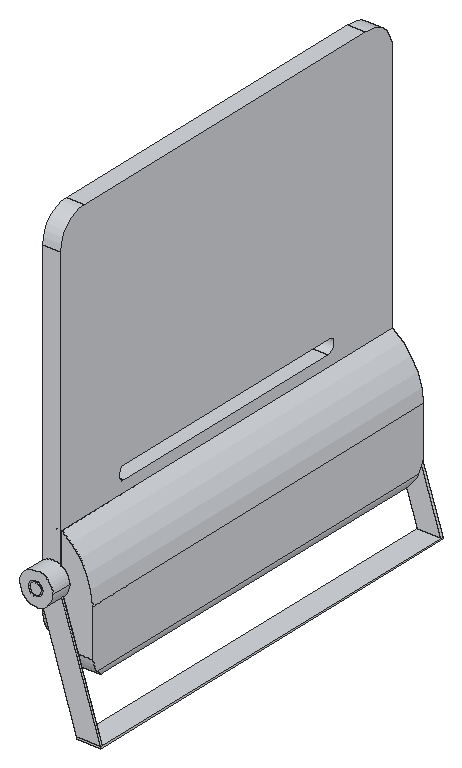
Revit family "2824080", category Generic Models, host Face, Revit 2018
Family settings
  Host = Face
  Can host rebar = No
  Round Connector Dimension = Use Diameter
  Part Type = Normal
  OmniClass Number = 23.80.70.00
  OmniClass Title = Lighting
  Cut with Voids When Loaded = No
  Shared = No
  Room Calculation Point = No
Parameters (values of type "Type Name")
  rotation axis = 142.4 mm
  bracket width = 588 mm
  URL = "http://www.sylvania-lighting.com"
  Type Image = <None>
  Type Comments = "n/a"
  Material_3_SYL = none
  Model = ""
  Manufacturer = "Feilo Sylvania"
  Keynote = ""
  Material_2_SYL = none
  Height = 157.859 mm
  Description = ""
  Default Elevation = 1219.2 mm
  Cost = 0
  Material_1_SYL = none
  Bracket Height = 195 mm
  Assembly Code = ""
  Material_4_SYL = none
Reference planes
  plane 1 "Center (Front/Back)": y = 0
  plane 2: z = 0
  plane 3 "Center (Left/Right)": x = 0
  plane 4: x = -16.5
  plane 5: x = 16.5
  plane 6: z = 155
  plane 7: x = -51.5
  plane 8: z = 137
  plane 9 "Rotation Axis": z = 142.4
  plane 10: z = 152.35
  plane 11: z = 195
  plane 12: x = -73.847
  plane 13: y = 294
  plane 14: y = -294
  plane 15: through (-72.693, -4572, 174.07) normal (-0.3105, 0, 0.9506)
  plane 16: through (-63.557, -4572, 193.954) normal (0.9506, 0, 0.3105)
  plane 17: y = 312
  plane 18: y = 288
  plane 19: y = -312
  plane 20: y = -286
  plane 21: z = 65
Forms (mm)
  Extrusion 1, solid, detail levels medium+fine
    sketch origin (0, 0, 0) x (1, 0, 0) y (0, 1, 0)
      loop
        line (-16.5, 294) -> (-16.5, -294) -> (16.5, -294) -> (16.5, 294) -> (-16.5, 294)
    from 0 to 2
  Extrusion 2, solid, detail levels medium+fine
    sketch origin (1524, -474.9, 1220.035) x (1, 0, 0) y (0, 0, 1)
      loop
        line (-1540.496, -1218.035) -> (-1507.966, -1218.035) -> (-1567.674, -1035.217)
        arc (-1567.674, -1035.217) -> (-1587.557, -1026.081) -> (-1596.693, -1045.965) r 15.473
        line (-1596.693, -1045.965) -> (-1540.496, -1218.035)
    from -180.9 to -182.9
  Extrusion 3, solid, detail levels medium+fine
    sketch origin (0, 0, 0.069) x (1, 0, 0) y (0, 0, 1)
      loop
        line (-16.39, 1.931) -> (16.139, 1.931) -> (-43.636, 184.958)
        arc (-43.636, 184.958) -> (-63.457, 193.922) -> (-72.656, 174.21) r 15.474
        line (-72.656, 174.21) -> (-16.39, 1.931)
    from -294 to -292
  Extrusion 4, solid, detail levels medium+fine
    sketch origin (-6.388, 0, 36.204) x (1, 0, 0) y (0, 0, 1)
      loop
        circle (-51.99, 142.374) r 22.5
    from -286.248 to -312
  Extrusion 5, solid, detail levels medium+fine
    sketch origin (-6.358, 0, 36.195) x (1, 0, 0) y (0, 0, 1)
      loop
        circle (-51.99, 142.374) r 22.5
    from 283.024 to 312
  Extrusion 6, void
    sketch origin (-6.561, 0, 36.284) x (1, 0, 0) y (0, 0, 1)
      loop
        circle (-51.99, 142.374) r 10
    from 294 to 312
  Extrusion 7, solid, detail levels fine
    sketch origin (-6.561, 0, 36.201) x (1, 0, 0) y (0, 0, 1)
      loop
        circle (-51.99, 142.374) r 7.5
    from 294 to 312
  Extrusion 8, void
    sketch origin (1517.357, -324.9, 1255.472) x (1, 0, 0) y (0, 0, 1)
      loop
        circle (-1575.99, -1076.826) r 10
    from -636.9 to -618.9
  Extrusion 9, solid, detail levels fine
    sketch origin (1517.42, -324.9, 1255.374) x (1, 0, 0) y (0, 0, 1)
      loop
        circle (-1575.99, -1076.826) r 7.5
    from -636.9 to -618.9
  Revolve 10, solid, not visible, detail levels coarse
    sketch origin (-58.257, 1655.459, 1254.912) x (0, 1, 0) y (0, 0, 1)
      loop
        line (-1369.21, -1054.349) -> (-1379.437, -1054.349) -> (-1379.437, -1074.349) -> (-1369.21, -1074.349) -> (-1369.21, -1054.349)
      axis (-1369.21, -1076.8) -> (-1379.437, -1076.8)
    angle from 0 to 180
Cuts and joins
  Extrusion 6 cuts Extrusion 5
  Extrusion 8 cuts Extrusion 4
Dimensions and locks
  "Bracket Height": plane 11 to level
  "bracket width": plane 14 to plane 13
  equal spacing: plane 14, plane 1 "Center (Front/Back)", plane 13
  aligned and locked: plane 2 to host face
  aligned and locked: level to host face
Automatic sketch dimensions
  host sketch curve to host sketch curve = 2438.4 mm  (x2)
  Extrusion 1 sketch curve to plane 4 = 0 mm
  Extrusion 1 sketch curve to plane 5 = 0 mm
  Extrusion 4 sketch curve to plane 9 "Rotation Axis" = 36.178 mm
  Extrusion 5 sketch curve to plane 9 "Rotation Axis" = 36.169 mm
  Extrusion 6 sketch curve to plane 9 "Rotation Axis" = 36.258 mm
  Extrusion 7 sketch curve to plane 9 "Rotation Axis" = 36.175 mm
  Extrusion 8 sketch curve to plane 9 "Rotation Axis" = 36.246 mm
  Extrusion 9 sketch curve to plane 9 "Rotation Axis" = 36.148 mm
  Revolve 10 sketch curve to plane 9 "Rotation Axis" = 35.712 mm
  Revolve 10 sketch curve to Revolve 10 sketch curve = 10.227 mm
  Revolve 10 sketch curve to plane 9 "Rotation Axis" = 38.163 mm
  plane 6 to Revolve 10 sketch curve = 45.563 mm
  Revolve 10 sketch curve to Revolve 10 sketch curve = 62.43 mm
  Revolve 10 sketch curve to Revolve 10 sketch curve = 22.367 mm
  plane 12 to Extrusion 2 sketch curve = 1.154 mm
  plane 7 to Extrusion 2 sketch curve = 6.684 mm
  Extrusion 2 sketch curve to plane 7 = 7.826 mm
  plane 4 to Extrusion 2 sketch curve = 0.004 mm
  level to Extrusion 2 sketch curve = 2 mm
  plane 6 to Extrusion 2 sketch curve = 19.07 mm
  Extrusion 2 sketch curve to Extrusion 2 sketch curve = 5.374 mm
  Extrusion 2 sketch curve to plane 5 = 0.466 mm
  plane 12 to Extrusion 3 sketch curve = 1.191 mm
  plane 7 to Extrusion 3 sketch curve = 6.582 mm
  Extrusion 3 sketch curve to plane 7 = 7.864 mm
  plane 4 to Extrusion 3 sketch curve = 0.11 mm
  Extrusion 3 sketch curve to plane 5 = 0.361 mm
  level to Extrusion 3 sketch curve = 2 mm
  Extrusion 3 sketch curve to Extrusion 3 sketch curve = 5.202 mm
  Extrusion 3 sketch curve to plane 11 = 9.973 mm
  plane 7 to Extrusion 6 sketch curve = 7.052 mm
  plane 7 to Extrusion 7 sketch curve = 7.051 mm
  plane 7 to Extrusion 9 sketch curve = 7.07 mm
  plane 7 to Extrusion 4 sketch curve = 6.879 mm
  plane 7 to Extrusion 5 sketch curve = 6.848 mm
  plane 7 to Extrusion 8 sketch curve = 7.133 mm
  Extrusion 1 sketch curve to plane 13 = 0 mm
  Extrusion 1 sketch curve to plane 14 = 0 mm
  Revolve 10 sketch curve to plane 18 = 11.979 mm
  radius of Extrusion 4 sketch curve = 22.5 mm
  radius of Extrusion 5 sketch curve = 22.5 mm
  radius of Extrusion 6 sketch curve = 10 mm
  radius of Extrusion 7 sketch curve = 7.5 mm
  radius of Extrusion 8 sketch curve = 10 mm
  radius of Extrusion 9 sketch curve = 7.5 mm
Nested families
  nested 1: "2824080" at (-58.257, -66.148, 317.5) x (0, 1, 0) z (1, 0, 0), type "2824080 RAIDEN IP66 50KLM 840 WIDE"
    with built-in parameter 1114216 (empty or 0)
Definition of nested family "2824080"
  Parameters (values of type "2824080 RAIDEN IP66 50KLM 840 WIDE")
    height = 60 mm
    Width = 319 mm
    Wattage Comments = "n/a"
    Wattage = 9.2903 W
    built-in parameter 1150110 = 1 (stored number, unit not read)
    URL = "0.95"
    Type Image = (empty or 0)
    Type Comments = "n/a"
    built-in parameter 1114217 = 1 (stored number, unit not read)
    Tilt Angle = -90.00°
    built-in parameter 1150109 = 1 (stored number, unit not read)
    built-in parameter 1150134 = 3
    built-in parameter 1150113 = 1 (stored number, unit not read)
    Photometric Web File = "2824080.IES"
    Material_3_SYL = none
    Model = "Raiden IP66 50KLM 840 Symmetric Wide"
    Manufacturer = ""
    built-in parameter 1150105 = 109.82 (stored number, unit not read)
    Lumens = 1380 lm
    built-in parameter 1150115 = 1 (stored number, unit not read)
    built-in parameter 1150137 = (empty or 0)
    built-in parameter 1150139 = (empty or 0)
    Length = 511 mm
    built-in parameter 1150112 = 1 (stored number, unit not read)
    built-in parameter 1150114 = 1 (stored number, unit not read)
    Lamp = "n/a"
    Keynote = "n/a"
    Material_2_SYL = none
    built-in parameter 1150132 = (empty or 0)
    built-in parameter 1150102 = (empty or 0)
    built-in parameter 1150107 = 3200 (stored number, unit not read)
    built-in parameter 1150138 = (empty or 0)
    built-in parameter 1150106 = 1.0982 (stored number, unit not read)
    Emit from Circle Diameter = 609.6 mm
    Emit Shape Visible in Rendering = no
    built-in parameter 1150104 = 13.8 (stored number, unit not read)
    Dimming Lamp Color Temperature Shift = (empty or 0)
    Description = "Outdoor and indoor floodlight range with in house design, comes complete with 1m flying lead and adjustable bracket, aluminium housing, RAL 9022 - Pearl light grey, clear glass diffuser, IP66, IK08, Class I, 4000K, Non-dimming, 50800lm, 375W, 135lm/W, CRI80, Symmetric Wide beam angle 60°, 100000 hrs L80B50 lifespan, 561x569x76mm (LxWxH) dimensions, 13.9kg weight."
    Default Elevation = 1219.2 mm
    Cost = 0
    Color Filter = 16777215
    built-in parameter 1114216 [instance] = (empty or 0)
    Material_1_SYL = none
    Body Length = 561 mm
    built-in parameter 1114218 = 1 (stored number, unit not read)
    built-in parameter 1150133 = 10 (stored number, unit not read)
    Assembly Code = "D5020200"
    Apparent Load = 375 VA
    Material_4_SYL = none
  Reference planes
    plane 1 "Center (Front/Back)": y = 2.5
    plane 2: z = 0.95
    plane 3 "Center (Left/Right)": x = 68.124
    plane 4: z = -14.05
    plane 5: z = 15.95
    plane 6: z = 0.95
    plane 7: z = 45.95
    plane 8: y = -253
    plane 9: y = -56
    plane 10: x = 253.624
    plane 11: x = -117.376
    plane 12: x = -123.376
    plane 13: y = -226
    plane 14: y = -76
    plane 15: y = -41.5
    plane 16: y = -213
    plane 17: x = 187.624
    plane 18: x = 259.624
    plane 19: x = 352.624
    plane 20: x = -216.376
    plane 21: x = -194.376
    plane 22: x = 330.624
    plane 23: y = 308
    plane 24: y = 286
    plane 25: x = 322.624
  Forms (mm)
    Extrusion 1, solid
      sketch origin (26.073, 0, 0.95) x (1, 0, 0) y (0, 1, 0)
        loop
          line (-1219.2, 1219.2) -> (-1219.2, -1219.2) -> (1219.2, -1219.2) -> (1219.2, 1219.2) -> (-1219.2, 1219.2)
      from 0 to -68.017
    Extrusion 2, solid, detail levels medium+fine
      sketch origin (83.124, -34.451, 0.95) x (1, 0, 0) y (0, 1, 0)
        loop
          line (-299.5, 302.451) -> (-299.5, -151.549)
          arc (-299.5, -151.549) -> (-287.784, -179.833) -> (-259.5, -191.549) r 40
          line (-259.5, -191.549) -> (229.5, -191.549)
          arc (229.5, -191.549) -> (257.784, -179.833) -> (269.5, -151.549) r 40
          line (269.5, -151.549) -> (269.5, 303.451)
          arc (269.5, 303.451) -> (256.273, 332.849) -> (225.5, 342.451) r 39.284
          line (225.5, 342.451) -> (-259.5, 342.451)
          arc (-259.5, 342.451) -> (-287.784, 330.735) -> (-299.5, 302.451) r 40
      from -15 to 9.702
    Extrusion 3, solid, detail levels medium+fine
      sketch origin (402.124, 1489.549, 1205.15) x (0, 1, 0) y (0, 0, 1)
        loop
          line (-1644.468, -1151.519) -> (-1728.014, -1151.519)
          arc (-1728.014, -1151.519) -> (-1739.904, -1157.404) -> (-1742.436, -1170.427) r 14.954
          line (-1742.436, -1170.427) -> (-1715.549, -1219.2) -> (-1565.549, -1219.2) -> (-1565.549, -1194.2)
          arc (-1565.549, -1194.2) -> (-1599.607, -1162.873) -> (-1644.468, -1151.519) r 94.303
      from -618.5 to -49.5
    Extrusion 4, void
      sketch origin (81.72, -11.578, 0.95) x (1, 0, 0) y (0, 1, 0)
        loop
          arc (-276.096, 29.078) -> (-271.703, 18.471) -> (-261.096, 14.078) r 15
          line (-261.096, 14.078) -> (233.904, 14.078)
          arc (233.904, 14.078) -> (244.51, 18.471) -> (248.904, 29.078) r 15
          line (248.904, 29.078) -> (248.904, 282.578)
          arc (248.904, 282.578) -> (244.51, 293.184) -> (233.904, 297.578) r 15
          line (233.904, 297.578) -> (-261.096, 297.578)
          arc (-261.096, 297.578) -> (-271.703, 293.184) -> (-276.096, 282.578) r 15
          line (-276.096, 282.578) -> (-276.096, 29.078)
      from -16.268 to -10.594
    Extrusion 5, solid, detail levels fine
      sketch origin (83.124, 0.218, 0.95) x (1, 0, 0) y (0, 1, 0)
        loop
          arc (-262.5, 285.782) -> (-273.107, 281.388) -> (-277.5, 270.782) r 15
          line (-277.5, 270.782) -> (-277.5, 17.282)
          arc (-277.5, 17.282) -> (-273.107, 6.675) -> (-262.5, 2.282) r 15
          line (-262.5, 2.282) -> (232.5, 2.282)
          arc (232.5, 2.282) -> (243.107, 6.675) -> (247.5, 17.282) r 15
          line (247.5, 17.282) -> (247.5, 270.782)
          arc (247.5, 270.782) -> (243.107, 281.388) -> (232.5, 285.782) r 15
          line (232.5, 285.782) -> (-262.5, 285.782)
      from -12.231 to -10.594
    Extrusion 6, void
      sketch origin (58.977, -53.062, 0.95) x (1, 0, 0) y (0, 1, 0)
        loop
          arc (184.512, -8.423) -> (194.512, 1.577) -> (184.512, 11.577) r 10
          line (184.512, 11.577) -> (-166.339, 11.577)
          arc (-166.339, 11.577) -> (-176.339, 1.577) -> (-166.339, -8.423) r 10
          line (-166.339, -8.423) -> (184.512, -8.423)
      from -18.734 to 12.525
    Extrusion 7, void
      sketch origin (68.124, -34.451, 0) x (0, 1, 0) y (0, 0, 1)
        loop
          line (-253.049, 15.95) -> (-253.049, -34.125) -> (-191.549, -30.902) -> (-191.549, 15.95) -> (-253.049, 15.95)
      from 191.5 to 306.113
    Extrusion 8, void
      sketch origin (68.124, -34.451, 0) x (0, 1, 0) y (0, 0, 1)
        loop
          line (-191.549, 15.95) -> (-275.432, 15.95) -> (-275.432, -28.004) -> (-191.549, -28.004) -> (-191.549, 15.95)
      from -308.216 to -191.5
    Extrusion 9, void
      sketch origin (-101.376, -126, 0.95) x (1, 0, 0) y (0, 1, 0)
        loop
          line (-115, -60) -> (-115, -100) -> (-75, -100)
          arc (-75, -100) -> (-103.284, -88.284) -> (-115, -60) r 40
      from -22.043 to 15
    Extrusion 10, void
      sketch origin (216.954, 19.065, 0.95) x (1, 0, 0) y (0, 1, 0)
        loop
          line (95.67, -245.065) -> (135.67, -245.065) -> (135.67, -205.065)
          arc (135.67, -205.065) -> (123.954, -233.349) -> (95.67, -245.065) r 40
      from -24.354 to 15
    Extrusion 11, solid, detail levels medium+fine
      sketch origin (1742.042, -359.351, 1205.129) x (1, 0, 0) y (0, 0, 1)
        loop
          circle (-1419.5, -1204.2) r 11
      from -140.977 to -106.464
    Extrusion 12, void
      sketch origin (-125, 0, 0.95) x (1, 0, 0) y (0, 1, 0)
        loop
          line (-91.376, -186) -> (-91.376, -226) -> (-51.376, -226)
          arc (-51.376, -226) -> (-79.66, -214.284) -> (-91.376, -186) r 40
      from -15 to 15
    Extrusion 13, void
      sketch origin (-125.5, 7.123, 0.95) x (1, 0, 0) y (0, 1, 0)
        loop
          line (-91.376, -221) -> (-91.376, -261) -> (-51.376, -261)
          arc (-51.376, -261) -> (-79.66, -249.284) -> (-91.376, -221) r 40
      from 0 to 100
    Extrusion 14, void
      sketch origin (125, 3.379, 0.95) x (1, 0, 0) y (0, 1, 0)
        loop
          arc (227.624, -217.683) -> (215.905, -245.976) -> (187.612, -257.696) r 40.012
          line (187.612, -257.696) -> (227.624, -257.696) -> (227.624, -217.683)
      from 12.525 to 100
    Extrusion 15, solid, detail levels coarse
      sketch origin (0, 0, 0.95) x (1, 0, 0) y (0, 1, 0)
        loop
          line (-216.376, 308) -> (-216.376, -252.887) -> (352.624, -252.887) -> (352.624, 308) -> (-216.376, 308)
      from -15 to 52.681
  Cuts and joins
    Extrusion 4, Extrusion 6, Extrusion 7, Extrusion 8, Extrusion 9, Extrusion 10, Extrusion 12 cuts Extrusion 2
    Extrusion 6, Extrusion 7, Extrusion 8, Extrusion 9, Extrusion 10, Extrusion 12, Extrusion 13, Extrusion 14 cuts Extrusion 3
    Extrusion 14 cuts Extrusion 11
  Dimensions and locks
    "height": plane 4 to plane 7
    plane 1 "Center (Front/Back)" to plane 8 = 255.5 mm
    Extrusion 15 to Extrusion 2 = 534 mm
    plane 1 "Center (Front/Back)" to Extrusion 5 = 283.5 mm
    "Body Length": plane 23 to plane 8
    aligned and locked: plane 2 to Extrusion 1
    aligned and locked: level to Extrusion 1
  Automatic sketch dimensions
    Extrusion 1 sketch curve to Extrusion 1 sketch curve = 2438.4 mm  (x2)
    Extrusion 4 sketch curve to plane 3 "Center (Left/Right)" = 262.5 mm
    Extrusion 4 sketch curve to Extrusion 4 sketch curve = 15 mm  (x3)
    plane 1 "Center (Front/Back)" to Extrusion 4 sketch curve = 0 mm
    Extrusion 4 sketch curve to Extrusion 4 sketch curve = 253.5 mm
    Extrusion 5 sketch curve to plane 3 "Center (Left/Right)" = 262.5 mm
    Extrusion 5 sketch curve to Extrusion 5 sketch curve = 15 mm  (x2)
    plane 1 "Center (Front/Back)" to Extrusion 5 sketch curve = 0 mm
    Extrusion 5 sketch curve to Extrusion 5 sketch curve = 253.5 mm
    Extrusion 7 sketch curve to plane 5 = 0 mm
    Extrusion 7 sketch curve to plane 4 = 16.852 mm
    Extrusion 7 sketch curve to plane 4 = 20.075 mm
    Extrusion 8 sketch curve to plane 5 = 0 mm
    Extrusion 8 sketch curve to plane 4 = 13.954 mm
    Extrusion 8 sketch curve to Extrusion 8 sketch curve = 83.883 mm
    Extrusion 9 sketch curve to plane 3 "Center (Left/Right)" = 284.5 mm
    Extrusion 9 sketch curve to Extrusion 9 sketch curve = 40 mm
    Extrusion 11 sketch curve to level = 0.021 mm
    Extrusion 10 sketch curve to Extrusion 10 sketch curve = 40 mm
    plane 13 to Extrusion 12 sketch curve = 0 mm
    Extrusion 13 sketch curve to plane 16 = 0.877 mm
    Extrusion 13 sketch curve to plane 8 = 0.877 mm
    plane 17 to Extrusion 14 sketch curve = 124.988 mm
    Extrusion 14 sketch curve to plane 16 = 1.305 mm
    Extrusion 14 sketch curve to plane 8 = 1.317 mm
    Extrusion 7 sketch curve to plane 13 = 0 mm
    Extrusion 7 sketch curve to plane 8 = 34.5 mm
    Extrusion 8 sketch curve to plane 13 = 0 mm
    Extrusion 9 sketch curve to plane 13 = 0 mm
    Extrusion 10 sketch curve to plane 13 = 0 mm
    plane 9 to Extrusion 6 sketch curve = 14.516 mm
    plane 14 to Extrusion 6 sketch curve = 14.516 mm
    plane 11 to Extrusion 6 sketch curve = 10.014 mm
    Extrusion 6 sketch curve to plane 10 = 10.135 mm
    Extrusion 3 sketch curve to plane 4 = 0 mm
    Extrusion 3 sketch curve to plane 13 = 0 mm
    Extrusion 3 sketch curve to plane 14 = 0 mm
    plane 8 to Extrusion 3 sketch curve = 14.535 mm
    plane 8 to Extrusion 3 sketch curve = 0.113 mm
    Extrusion 3 sketch curve to plane 4 = 26.622 mm
    Extrusion 3 sketch curve to plane 7 = 11.227 mm
    Extrusion 3 sketch curve to plane 7 = 7.273 mm
    Extrusion 3 sketch curve to plane 5 = 5 mm
    plane 8 to Extrusion 15 sketch curve = 0.113 mm
    Extrusion 15 sketch curve to plane 20 = 0 mm
    plane 17 to Extrusion 4 sketch curve = 128 mm  (x2)
    plane 17 to Extrusion 5 sketch curve = 128 mm  (x2)
    Extrusion 10 sketch curve to plane 19 = 0 mm
    plane 17 to Extrusion 11 sketch curve = 134.918 mm
    Extrusion 15 sketch curve to plane 19 = 0 mm
    Extrusion 15 sketch curve to plane 23 = 0 mm
    Extrusion 12 sketch curve to plane 20 = 0 mm
    plane 21 to Extrusion 12 sketch curve = 18 mm
    Extrusion 5 sketch curve to plane 22 = 0 mm
    Extrusion 2 sketch curve to plane 20 = 0 mm
    Extrusion 2 sketch curve to plane 13 = 0 mm
    Extrusion 2 sketch curve to plane 23 = 0 mm
    Extrusion 2 sketch curve to plane 19 = 0 mm
    plane 21 to Extrusion 2 sketch curve = 18 mm  (x2)
    Extrusion 2 sketch curve to plane 22 = 18 mm
    Extrusion 2 sketch curve to plane 24 = 17 mm
    Extrusion 2 sketch curve to Extrusion 2 sketch curve = 39.284 mm
    Extrusion 13 sketch curve to plane 20 = 0.5 mm
    radius of Extrusion 11 sketch curve = 11 mm
  Connectors
    electrical at (322.542, -252.887, 0.929)
      settings: on Extrusion 11, index 1, voltage 0 V, apparent load 0 VA, apparent load phase1 0 VA, apparent load phase2 0 VA, apparent load phase3 0 VA, power factor 1, load classification none, number of poles 1, system type 31, power factor state 1, is connector primary yes, connector utility no, sub classification motor no, connector description ""
